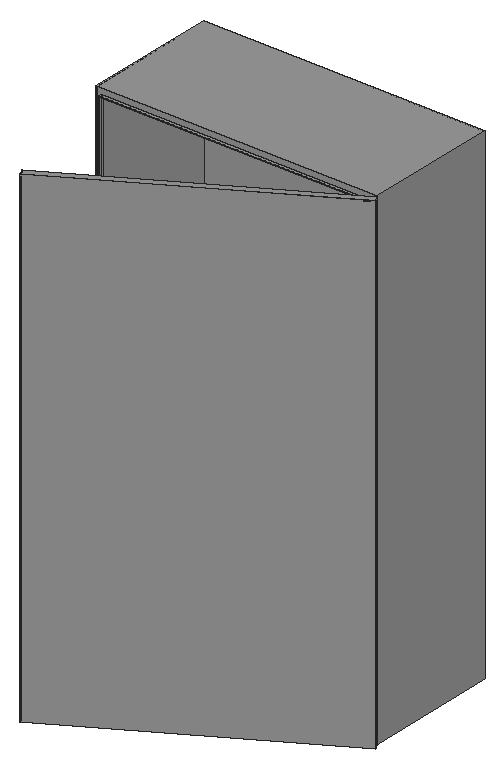
Revit family "Hager-Univers-IP55-D400-H1400-Cl.I-Steel_encl-NoHosted-PL-en", category Equipement électrique, Revit 2020
Family settings
  Configuration du panneau = Deux colonnes, circuits au sein
  Cote de connecteur circulaire = Utiliser le diamètre
  Type d'élément = Tableau de raccordement
  Basée sur le plan de construction = Oui
  Toujours verticalement = Oui
  Couper avec des vides une fois chargée = Non
  Partagée = Non
  Point de calcul de pièce = Non
Parameters (values of type "Surface mounted (plaster) IP55 W800 H1400 D400  - FR93G")
  Width Control [instance] = if([EF000008 - Width] > Min Width, [EF000008 - Width], Min Width)  # 800 mm
  Commentaires du type = [HG000003 - Range]  # "Univers"
  Thickness Door [instance] = if([EF009171 - Material plate thickness door/cover] > 3 mm, 3 mm, [EF009171 - Material plate thickness door/cover])  # 1.5 mm
  Seal Frame Offset [instance] = 17 mm  # constant formula
  Plinth Visibility [instance] = [HG000027 - Plinth height] > 0 mm  # no
  Min Width [instance] = 100 mm  # constant formula
  Min Depth [instance] = (2 * [EF009170 - Material plate thickness cabinet]) + 1 mm  # 4 mm
  Min Height [instance] = 100 mm  # constant formula
  Internal Frame Depth [instance] = (Door System Depth * 0.5)  # 9 mm
  Panel Name [instance] = ""  # (empty or 0)
  Model = ""
  HG000027 - Plinth height = 0 mm
  HG000026 - Floor standing = no
  HG000024 - Bottom section height = 600 mm
  HG000023 - Double section enclosure = no
  HG000016 - Door 3d visibility [instance] = yes
  HG000015 - Clearance visibility [instance] = no
  HG000014 - Door on the right [instance] = yes
  HG000013 - Door on the left [instance] = not([HG000014 - Door on the right])  # no
  HG000012 - Door swing angle [instance] = 30.00°
  HG000010 - Asymmetric doors = no
  HG000009 - Double swing door = no
  HG000006 - Flush mounted = no
  HG000004 - Manufacturer reference = "FR93G"
  HG000003 - Range = "Univers"
  HG000002 - With door or cover = yes
  Frame Offset Bottom [instance] = 10 mm  # constant formula
  Frame Offset [instance] = 15 mm  # constant formula
  EF015940 - Cover with overpressure release = no
  EF011959 - Degree of protection (NEMA) = ""
  EF009554 - Number of openings for flange plates = 6
  EF009212 - Cover model = "EV000116 - Closed"
  EF009171 - Material plate thickness door/cover = 1.5 mm
  EF009170 - Material plate thickness cabinet = 1.5 mm
  EF008873 - Nominal current (In) = 800 A
  EF007800 - Suitable for lightning protection = no
  EF006306 - With lock = no
  EF006244 - Transparent cover/door = no
  EF005474 - Degree of protection (IP) = "EV006420 - IP55"
  EF004464 - Type of door = "EV002646 - Single"
  EF004427 - Number of modules = 324
  EF004293 - Impact strength = "EV008784 - IK10"
  EF003532 - Suitable for outdoor use = no
  EF002950 - Width in number of modular spacings = 24
  EF001613 - Circuit integrity = "EV000494 - None"
  EF001596 - Material housing = "EV000179 - Steel"
  EF001131 - Internal depth = 400 mm
  EF001088 - Extension possible = yes
  EF000437 - Number of conduit inlets = 6
  EF000339 - Type of cover = "EV004216 - Door"
  EF000266 - Number of rows = 9
  EF000218 - Built-in depth = 0 mm
  EF000118 - With mounting plate = no
  EF000116 - RAL-number = "7035"
  EF000049 - Depth = 400 mm
  EF000040 - Height = 1400 mm
  EF000008 - Width = 800 mm
  EF000007 - Colour = "EV000270 - Grey"
  EF000003 - Mounting method = "EV000384 - Surface mounted (plaster)"
  Door System Leaf Tolerance [instance] = 1.5 mm  # constant formula
  Door System Depth [instance] = 18 mm  # constant formula
  Door Height [instance] = Height Control - [HG000027 - Plinth height]  # 1400 mm
  Description = ""
  Default Elevation = 1219.2 mm
  Connector Offset [instance] = Height Control / 2  # 700 mm
  Fabricant = "Hager"  # constant formula
  Height Control [instance] = if([EF000040 - Height] > Min Height, [EF000040 - Height], Min Height)  # 1400 mm
  Depth Control [instance] = if([EF000049 - Depth] > Min Depth, [EF000049 - Depth], Min Depth)  # 400 mm
  Bottom Top Plate Trim [instance] = 1.5 mm  # constant formula
  Plinth height Ctrl [instance] = if([HG000027 - Plinth height] > 0 mm, [HG000027 - Plinth height], 12 mm)  # 12 mm
Types (3, lengths in mm): name | Width Control | HG000009 - Double swing door | HG000004 - Manufacturer reference | EF009554 - Number of openings for flange plates | EF004464 - Type of door | EF004427 - Number of modules | EF000437 - Number of conduit inlets | EF000008 - Width
  Surface mounted (plaster) IP55 W1050 H1400 D400  - FR94G | 1050 | yes | "FR94G" | 8 | "EV003602 - Double" | 432 | 8 | 1050
  Surface mounted (plaster) IP55 W550 H1400 D400  - FR92G | 550 | no | "FR92G" | 4 | "EV002646 - Single" | 216 | 4 | 550
  Surface mounted (plaster) IP55 W800 H1400 D400  - FR93G | 800 | no | "FR93G" | 6 | "EV002646 - Single" | 324 | 6 | 800
Reference planes
  plane 1 "Center (Front/Back)": y = 0
  plane 2: z = 0
  plane 3 "Center (Left/Right)": x = 0
  plane 4: y = 0
  plane 5: y = 0
  plane 6: z = 0
  plane 7: x = -400
  plane 8: x = 400
  plane 9: x = 398.5
  plane 10: x = -398.5
  plane 11: z = 0
  plane 12: z = 1.5
  plane 13: y = -400
  plane 14: y = -1.5
  plane 15: x = 0
  plane 16: y = -382
  plane 17: y = -398.5
  plane 18: y = -380.5
  plane 19: x = -383.5
  plane 20: x = 383.5
  plane 21: z = 11.5
  plane 22: x = -383
  plane 23: x = 383
  plane 24: z = 0
  plane 25: z = 1400
  plane 26: z = 1400
  plane 27: z = 1383.5
  plane 28: z = 1398.5
Forms (mm)
  Extrusion 1, solid, material "Hager_Steel_RAL7035_Light_Grey", detail levels medium+fine
    sketch origin (-208.679, -4572, 0) x (-1, 0, 0) y (0, -1, 0)
      loop
        line (191.321, -4190) -> (-608.679, -4190) -> (-608.679, -4572) -> (191.321, -4572) -> (191.321, -4190)
    from 0 to 1400
  Extrusion 2, void
    sketch origin (-350.771, -400, 1219.2) x (1, 0, 0) y (0, 0, 1)
      loop
        line (-47.729, 179.3) -> (-47.729, -1217.7) -> (749.271, -1217.7) -> (749.271, 179.3) -> (-47.729, 179.3)
    from -19.5 to -398.5
  Extrusion 3, void
    sketch origin (-290.084, -382, 1219.2) x (1, 0, 0) y (0, 0, 1)
      loop
        line (-93.416, -1207.7) -> (673.584, -1207.7) -> (673.584, 164.3) -> (-93.416, 164.3) -> (-93.416, -1207.7)
    from 0 to -1.5
  Extrusion 4, solid, material "Hager_Steel_RAL7035_Light_Grey", visible <- "Plinth Visibility", detail levels medium+fine
    sketch origin (0, 0, 0) x (1, 0, 0) y (0, 1, 0)
      loop
        line (-400, 0) -> (-400, -382) -> (400, -382) -> (400, 0) -> (-400, 0)
    from 0 to 12 <- "Plinth height Ctrl"
  Extrusion 5, solid, material "Hager_Steel_RAL7035_Light_Grey", detail levels coarse
    sketch origin (0, 0, 0) x (1, 0, 0) y (0, 1, 0)
      loop
        line (-400, 0) -> (-400, -400) -> (400, -400) -> (400, 0) -> (-400, 0)
    from 0 to 1400 <- "Height Control"
  Sweep 6, void
    path in 3D
      loop
        line (-400, -382, 12) -> (400, -382, 12) -> (400, 0, 12) -> (-400, 0, 12) -> (-400, -382, 12)
    profile origin (-400, -191, 12) x (1, 0, 0) y (0, 0, 1)
      loop
        line (0, 0) -> (0, -1.5) -> (1.5, -1.5)
        arc (1.5, -1.5) -> (1.061, -0.439) -> (0, 0) r 1.5
  Extrusion 7, solid, material "Hager_Steel_RAL7035_Light_Grey", detail levels fine
    sketch origin (-400, -382, 0) x (1, 0, 0) y (0, 0, 1)
      loop
        line (16.5, 11.5) -> (783.5, 11.5) -> (783.5, 1383.5) -> (16.5, 1383.5) -> (16.5, 11.5)
      loop
        line (15, 10) -> (785, 10) -> (785, 1385) -> (15, 1385) -> (15, 10)
    from 0 to 9 <- "Internal Frame Depth"
Cuts and joins
  Extrusion 2, Extrusion 3 cuts Extrusion 1
  Sweep 6 cuts Extrusion 4
Lines and regions (mm)
  Masking region 1
    outline origin (0, 0, 0) x (1, 0, 0) y (0, 1, 0)
      loop
        line (-400, 0) -> (-400, -400) -> (400, -400) -> (400, 0) -> (-400, 0)
  Masking region 2, detail levels coarse
    outline origin (-290.084, -382, 1219.2) x (-1, 0, 0) y (0, 0, 1)
      loop
        line (-690.084, -1219.2) -> (109.916, -1219.2) -> (109.916, 180.8) -> (-690.084, 180.8) -> (-690.084, -1219.2)
  Masking region 3, detail levels coarse
    outline origin (0, 0, 0) x (0, 1, 0) y (0, 0, 1)
      loop
        line (0, 0) -> (0, 1400) -> (-400, 1400) -> (-400, 0) -> (0, 0)
  Masking region 4, visible <- "Plinth Visibility", detail levels medium+fine
    outline origin (0, 0, 0) x (0, 1, 0) y (0, 0, 1)
      loop
        line (-1.5, 12) -> (-380.5, 12)
        arc (-380.5, 12) -> (-380.939, 10.939) -> (-382, 10.5) r 1.5
        line (-382, 10.5) -> (-382, 0) -> (0, 0) -> (0, 10.5)
        arc (0, 10.5) -> (-1.061, 10.939) -> (-1.5, 12) r 1.5
  Masking region 5, detail levels medium+fine
    outline origin (0, 0, 594.038) x (0, 1, 0) y (0, 0, 1)
      loop
        line (0, -594.038) -> (0, 805.962) -> (-382, 805.962) -> (-382, -594.038) -> (0, -594.038)
  Masking region 6, detail levels medium+fine
    outline origin (-359.7, -382, 1211.883) x (-1, 0, 0) y (0, 0, 1)
      loop
        line (-759.7, -1211.883) -> (40.3, -1211.883) -> (40.3, 188.117) -> (-759.7, 188.117) -> (-759.7, -1211.883)
  Masking region 7, visible <- "Plinth Visibility", detail levels medium+fine
    outline origin (-320.334, -382, 1041.368) x (-1, 0, 0) y (0, 0, 1)
      loop
        line (-720.334, -1041.368) -> (79.666, -1041.368) -> (79.666, -1030.868)
        arc (79.666, -1030.868) -> (78.606, -1030.429) -> (78.166, -1029.368) r 1.5
        line (78.166, -1029.368) -> (-718.834, -1029.368)
        arc (-718.834, -1029.368) -> (-719.273, -1030.429) -> (-720.334, -1030.868) r 1.5
        line (-720.334, -1030.868) -> (-720.334, -1041.368)
  sketch lines
    curve 1: line (-400, 0, 12) -> (-400, -382, 12)
    curve 2: line (-400, -382, 12) -> (400, -382, 12)
    curve 3: line (400, 0, 12) -> (-400, 0, 12)
    curve 4: line (400, -382, 12) -> (400, 0, 12)
Dimensions and locks
  locked: plane 1 "Center (Front/Back)" to plane 5
  "EF009170 - Material plate thickness cabinet": plane 7 to plane 10
  "EF009170 - Material plate thickness cabinet": plane 8 to plane 9
  equal spacing: plane 7, plane 3 "Center (Left/Right)", plane 8
  "Width Control": plane 7 to plane 8
  "Depth Control": plane 4 to plane 13
  "EF009170 - Material plate thickness cabinet": plane 4 to plane 14
  "Height Control": plane 25 to level
  "HG000027 - Plinth height": plane 11 to level
  "EF009170 - Material plate thickness cabinet": plane 12 to plane 11
  "EF009170 - Material plate thickness cabinet": plane 17 to plane 13
  "EF009170 - Material plate thickness cabinet": plane 18 to plane 16
  "Frame Offset Bottom": plane 21 to plane 12
  "Frame Offset": plane 10 to plane 19
  "Frame Offset": plane 9 to plane 20
  "Door System Depth": plane 16 to plane 13
  "Seal Frame Offset": plane 7 to plane 22
  "Seal Frame Offset": plane 8 to plane 23
  "EF009170 - Material plate thickness cabinet": plane 26 to plane 28
  "Frame Offset": plane 28 to plane 27
  "Connector Offset": plane 2 to connector elem
  "Bottom Top Plate Trim": profile plane to Sweep 6 sketch curve
  "Bottom Top Plate Trim": Sweep 6 sketch curve to Sweep 6 sketch curve
  "Plinth height Ctrl": Masking region 4 sketch curve to level
  "Plinth height Ctrl": Masking region 7 sketch curve to level
  "Thickness Door": Extrusion 7 sketch curve to Extrusion 7 sketch curve  (x4)
  "Bottom Top Plate Trim": radius of Sweep 6 sketch curve
  "Bottom Top Plate Trim": radius of Masking region 4 sketch curve  (x2)
  "Bottom Top Plate Trim": radius of Masking region 7 sketch curve  (x2)
  aligned and locked: Extrusion 2 sketch curve to plane 12
  aligned and locked: Extrusion 2 sketch curve to plane 9
  aligned and locked: Extrusion 2 sketch curve to plane 10
  aligned and locked: Extrusion 2 to plane 14
  aligned and locked: Extrusion 1 sketch curve to plane 4
  aligned and locked: plane 8 to Extrusion 1 sketch curve
  aligned and locked: plane 7 to Extrusion 1 sketch curve
  aligned and locked: Extrusion 2 to plane 18
  aligned and locked: Extrusion 3 sketch curve to plane 19
  aligned and locked: plane 20 to Extrusion 3 sketch curve
  aligned and locked: Extrusion 3 to Extrusion 2
  aligned and locked: Extrusion 3 sketch curve to plane 21
  aligned and locked: plane 3 "Center (Left/Right)" to nested 1
  aligned and locked: Extrusion 1 sketch curve to plane 16
  aligned and locked: Extrusion 4 sketch curve to cut or joined group of Extrusion 1, Extrusion 2, Extrusion 3
  aligned and locked: Masking region 1 sketch curve to plane 7
  aligned and locked: Masking region 1 sketch curve to plane 5
  aligned and locked: Masking region 1 sketch curve to plane 8
  aligned and locked: Masking region 2 sketch curve to level
  aligned and locked: level to Masking region 3 sketch curve
  aligned and locked: plane 1 "Center (Front/Back)" to Masking region 3 sketch curve
  aligned and locked: plane 13 to Masking region 3 sketch curve
  aligned and locked: plane 5 to Masking region 4 sketch curve
  aligned and locked: Masking region 2 sketch curve to plane 8
  aligned and locked: Masking region 2 sketch curve to plane 7
  aligned and locked: plane 7 to nested 2
  aligned and locked: nested 2 to plane 5
  aligned and locked: plane 5 to Masking region 5 sketch curve
  aligned and locked: plane 26 to Masking region 5 sketch curve
  aligned and locked: Extrusion 5 sketch curve to plane 8
  aligned and locked: Extrusion 5 sketch curve to plane 7
  aligned and locked: Extrusion 5 sketch curve to plane 5
  aligned and locked: Extrusion 3 sketch curve to plane 27
  aligned and locked: Extrusion 2 sketch curve to plane 28
  aligned and locked: Masking region 2 to plane 25
  aligned and locked: Extrusion 4 to plane 16
  aligned and locked: profile plane to Sweep 6 sketch curve
  aligned and locked: Masking region 5 sketch curve to plane 24
  aligned and locked: level to Masking region 4 sketch curve
  aligned and locked: Masking region 1 to plane 13
  aligned and locked: nested 1 to plane 16
  aligned and locked: Masking region 3 to plane 25
  aligned and locked: plane 16 to Masking region 4 sketch curve
  aligned and locked: Masking region 5 sketch curve to plane 16
  aligned and locked: plane 24 to plane 11
  aligned and locked: plane 26 to plane 25
  aligned and locked: plane 26 to cut or joined group of Extrusion 1, Extrusion 2, Extrusion 3
  aligned and locked: nested 1 to plane 24
  aligned and locked: Extrusion 1 to Extrusion 3
  aligned and locked: Masking region 6 sketch curve to plane 8
  aligned and locked: Masking region 6 sketch curve to plane 24
  aligned and locked: Masking region 6 sketch curve to plane 7
  aligned and locked: Masking region 6 sketch curve to plane 26
  aligned and locked: Masking region 7 sketch curve to plane 7
  aligned and locked: level to Masking region 7 sketch curve
  aligned and locked: Masking region 7 sketch curve to plane 8
  aligned and locked: Extrusion 7 sketch curve to cut or joined group of Extrusion 1, Extrusion 2, Extrusion 3  (x4)
Automatic sketch dimensions
  plane 19 to Extrusion 3 sketch curve = 0 mm
  Extrusion 3 sketch curve to plane 20 = 0 mm
  Extrusion 3 sketch curve to plane 21 = 0 mm
  Extrusion 4 sketch curve to plane 7 = 0 mm
  Extrusion 4 sketch curve to plane 8 = 0 mm
  Extrusion 4 sketch curve to plane 16 = 0 mm
  Masking region 1 sketch curve to plane 13 = 0 mm
  Masking region 2 sketch curve to plane 25 = 0 mm
  Masking region 3 sketch curve to plane 25 = 0 mm
  Extrusion 5 sketch curve to plane 13 = 0 mm
  profile plane to Sweep 6 sketch curve = 0 mm
Nested families
  nested 1: "EC000058_Univers_Door" at (0, -382, 0), Double <- "HG000009 - Double swing door", Transparent <- "EF006244 - Transparent cover/door", Angle <- "HG000012 - Door swing angle", Door_Right <- "HG000014 - Door on the right", Assymetrical <- "HG000010 - Asymmetric doors", Door <- "HG000002 - With door or cover", Width_Ctrl <- "Width Control", 3d_Door <- "HG000016 - Door 3d visibility", Clearance <- "HG000015 - Clearance visibility", Door_Left <- "HG000013 - Door on the left", Width <- "Width Control", Door_Depth <- "Door System Depth", Leaf_Tolerance <- "Door System Leaf Tolerance", Height <- "Door Height", Lock_Visibility <- "EF006306 - With lock", Thickness <- "Thickness Door", type "EC000058_Univers_Door", detail levels medium+fine
    with min_wh 4 mm, Width_Ctrl 800 mm, Width 800 mm, Transparent no, Thickness 1.5 mm, Seal_Material Hager_Rubber, Lock_Visibility no, Lock_Material Hager_Plastic_RAL9005_Jet_Black, Leaf_Width 800 mm, Leaf_Tolerance_External_Sides 0 mm, Leaf_Tolerance 1.5 mm, Leaf_Offset 0 mm, Leaf_Height 1397 mm, Leaf_2_Width 800 mm, Leaf_2_Offset 400 mm, Leaf_1_Width 800 mm, Leaf_1_Offset 400 mm, Height_Ctrl 1400 mm, Height 1400 mm, Glass_Material Hager_Glass, Double_Clearance_Ctrl no, Double no, Door_Right_Ctrl yes, Door_Right yes, Door_Material Hager_Steel_RAL7035_Light_Grey, Door_Left_Ctrl no, Door_Left no, Door_Depth 18 mm, Door yes, Clearance_Material Hager_Clearance, Clearance_Depth 800 mm, Clearance_Ctrl no, Clearance no, Assymetrical no, Angle 30.00°, 3d_Door yes
  nested 2: "Hager_Enclosure_Symbol" at (-400, 0, 0), Height <- "Depth Control", Width <- "Width Control", type "Hager_Enclosure_Symbol"
    with Width_Ctrl 800 mm, Width 800 mm, Height_Ctrl 400 mm, Height 400 mm, A_Width_Int 26.25 mm, A_Width 315 mm, A_Height_Ctrl 350 mm, A_Height 350 mm
Connectors
  electrical at (0, 0, 700)
    settings: on plane 1 "Center (Front/Back)", index 1, voltage 0 V, apparent load 0 VA, apparent load phase1 0 VA, apparent load phase2 0 VA, apparent load phase3 0 VA, power factor 1, load classification "Other", number of poles 1, system type 30, power factor state 1, is connector primary yes, connector utility no, sub classification motor no, connector description ""
Definition of nested family "EC000058_Univers_Door"
  Parameters (values of type "EC000058_Univers_Door")
    min_wh [instance] = (2 * Thickness) + 1 mm  # 11 mm
    Width_Ctrl [instance] = 400 mm
    Width [instance] = 500 mm
    Transparent [instance] = yes
    Thickness [instance] = 5 mm
    Seal_Material [instance] = none
    Lock_Visibility [instance] = yes
    Lock_Material [instance] = none
    Leaf_Width [instance] = if((Width_Ctrl - 2 * Leaf_Tolerance_External_Sides) > 0 mm, (Width_Ctrl - 2 * Leaf_Tolerance_External_Sides), min_wh)  # 400 mm
    Leaf_Tolerance_External_Sides [instance] = 0 mm  # constant formula
    Leaf_Tolerance [instance] = 1.5 mm
    Leaf_Offset [instance] = 0 mm  # constant formula
    Leaf_Height [instance] = if((Height_Ctrl - 2 * Leaf_Tolerance) > 0 mm, (Height_Ctrl - 2 * Leaf_Tolerance), min_wh)  # 497 mm
    Leaf_2_Width [instance] = if(and(and(Double, Assymetrical), Door_Left), (Leaf_Width / 3) - (Leaf_Tolerance / 2), if(and(and(Double, Assymetrical), Door_Right), (Leaf_Width / 3) * 2 - (Leaf_Tolerance / 2), if(and(Double, not(Assymetrical)), (Leaf_Width / 2) - Leaf_Tolerance, Leaf_Width)))  # 400 mm
    Leaf_2_Offset [instance] = if(and(Double, Assymetrical), Leaf_2_Width / 2, if(and(Double, not(Assymetrical)), Leaf_Width / 4, Leaf_Width / 2))  # 200 mm
    Leaf_1_Width [instance] = if(and(and(Double, Assymetrical), Door_Right), (Leaf_Width / 3) - (Leaf_Tolerance / 2), if(and(and(Double, Assymetrical), Door_Left), (Width / 3) * 2 - (Leaf_Tolerance / 2), if(and(Double, not(Assymetrical)), (Leaf_Width / 2) - Leaf_Tolerance, Leaf_Width)))  # 400 mm
    Leaf_1_Offset [instance] = if(and(Double, Assymetrical), Leaf_1_Width / 2, if(and(Double, not(Assymetrical)), Leaf_Width / 4, Leaf_Width / 2))  # 200 mm
    Height_Ctrl [instance] = if(Height > min_wh, Height, min_wh)  # 500 mm
    Height [instance] = 500 mm
    Glass_Material [instance] = none
    Double_Clearance_Ctrl [instance] = and(Double, Clearance)  # no
    Double [instance] = no
    Door_Right_Ctrl [instance] = and(or(Door_Right, Double), Door)  # yes
    Door_Right [instance] = yes
    Door_Material [instance] = none
    Door_Left_Ctrl [instance] = and(or(Door_Left, Double), Door)  # no
    Door_Left [instance] = no
    Door_Depth [instance] = 30 mm
    Door [instance] = yes
    Default Elevation = 1219.2 mm
    Clearance_Material [instance] = none
    Clearance_Depth [instance] = if(Leaf_1_Width > Leaf_2_Width, Leaf_1_Width, Leaf_2_Width)  # 400 mm
    Clearance_Ctrl [instance] = and(not(Double), Clearance)  # yes
    Clearance [instance] = yes
    Assymetrical [instance] = yes
    Angle [instance] = 30.00°
    3d_Door [instance] = yes
  Reference planes
    plane 1 "Center (Front/Back)": y = 0
    plane 2 "Bottom": z = 0
    plane 3 "Center (Left/Right)": x = 0
    plane 4: z = 500
    plane 5: x = -200
    plane 6: x = 200
    plane 7: z = 500
    plane 8: x = -200
    plane 9: z = 0
    plane 10: x = 200
    plane 11: y = 0
    plane 12: z = 1.5
    plane 13: x = -600
    plane 14: y = -400
    plane 15: x = 600
    plane 16: x = 0
    plane 17: x = 0
    plane 18: x = -200
    plane 19: x = 200
    plane 20: z = 498.5
  Forms (mm)
    Extrusion 1, solid, material <- "Clearance_Material", visible <- "Double_Clearance_Ctrl"
      sketch origin (1200, 0, 0) x (1, 0, 0) y (0, 0, -1)
        loop
          line (-1800, -498.5) -> (-600, -498.5) -> (-600, 0) -> (-1800, 0) -> (-1800, -498.5)
      from 0 to -400
  Dimensions and locks
    equal spacing: plane 5, plane 3 "Center (Left/Right)", plane 6
    "Width_Ctrl": plane 5 to plane 6
    "Leaf_Offset": plane 5 to plane 8
    "Leaf_Offset": plane 6 to plane 10
    "Leaf_Offset": plane 9 to level
    "Leaf_Offset": plane 4 to plane 7
    "Height_Ctrl": plane 4 to level
    "Leaf_Tolerance": plane 12 to plane 9
    locked: plane 11 to plane 1 "Center (Front/Back)"
    "Leaf_1_Offset": plane 18 to plane 16
    "Leaf_2_Offset": plane 17 to plane 19
    "Leaf_1_Width": plane 13 to plane 8
    "Leaf_2_Width": plane 10 to plane 15
    "Clearance_Depth": plane 14 to plane 1 "Center (Front/Back)"
    "Leaf_Tolerance_External_Sides": plane 8 to plane 18
    "Leaf_Tolerance_External_Sides": plane 19 to plane 10
    "Leaf_Tolerance": plane 7 to plane 20
    aligned and locked: level to plane 2 "Bottom"
    aligned and locked: nested 1 to plane 16
    aligned and locked: nested 2 to plane 17
    aligned and locked: Extrusion 1 to plane 13
    aligned and locked: plane 15 to Extrusion 1
    aligned and locked: Extrusion 1 to plane 14
    aligned and locked: plane 12 to nested 1
    aligned and locked: nested 2 to plane 12
    aligned and locked: Extrusion 1 to plane 11
    aligned and locked: plane 20 to Extrusion 1
    aligned and locked: nested 2 to plane 11
    aligned and locked: nested 1 to plane 11
  Automatic sketch dimensions
    Extrusion 1 sketch curve to level = 0 mm
    plane 5 to Extrusion 1 sketch curve = 400 mm
    plane 6 to Extrusion 1 sketch curve = 400 mm
    Extrusion 1 sketch curve to plane 4 = 1.5 mm
  Nested families
    nested 1: "EC000058_Univers_Door_Leaf" at (0, 0, 1.5), Width <- "Leaf_1_Width", visible <- "Door_Left_Ctrl", Leaf_Height <- "Leaf_Height", Angle <- "Angle", 3d_Door <- "3d_Door", Transparent <- "Transparent", Clearance Material <- "Clearance_Material", Clearance <- "Clearance_Ctrl", Door_Material <- "Door_Material", Glass_Material <- "Glass_Material", Door_Depth <- "Door_Depth", Lock_Material <- "Lock_Material", Seal_Material <- "Seal_Material", Lock_Visibility <- "Lock_Visibility", Thickness <- "Thickness", type "EC000058_Univers_Door_Leaf"
      with Width 400 mm, Transparent_Glass_Offset 30 mm, Transparent_Ctrl yes, Transparent yes, Thickness 5 mm, Standard no, Seal_Material none, Seal_D2 8 mm, Seal_D1 1 mm, Offset_Internal_Frame 10 mm, Lock_Width 20 mm, Lock_Visibility_3d yes, Lock_Visibility yes, Lock_Thickness_3 3 mm, Lock_Thickness_2 1 mm, Lock_Thickness_1 3 mm, Lock_Radius_Offset_2 16 mm, Lock_Radius_Offset_1 15 mm, Lock_Radius_2 5 mm, Lock_Radius 6 mm, Lock_Offset 5 mm, Lock_Material none, Lock_Height 80 mm, Lock_Cover_Top_Offset_2d 17 mm, Lock_Cover_Height -65 mm, Leaf_Height 497 mm, Internal_Seal_Thickness 8 mm, Internal_Seal_Depth_2 4.5 mm, Internal_Frame_Depth 25 mm, Glass_Thickness -1 mm, Glass_Offset -2 mm, Glass_Material none, Door_Material none, Door_Depth 30 mm, Clearance Material none, Clearance yes, Angle_Ctrl 30.00°, Angle 30.00°, 3d_Door yes
    nested 2: "EC000058_Univers_Door_Leaf" at (0, 0, 1.5) x (-1, 0, 0) z (0, 0, 1), Width <- "Leaf_2_Width", visible <- "Door_Right_Ctrl", Leaf_Height <- "Leaf_Height", Angle <- "Angle", 3d_Door <- "3d_Door", Transparent <- "Transparent", Clearance Material <- "Clearance_Material", Clearance <- "Clearance_Ctrl", Door_Material <- "Door_Material", Glass_Material <- "Glass_Material", Door_Depth <- "Door_Depth", Lock_Material <- "Lock_Material", Seal_Material <- "Seal_Material", Lock_Visibility <- "Lock_Visibility", Thickness <- "Thickness", type "EC000058_Univers_Door_Leaf"
      with Width 400 mm, Transparent_Glass_Offset 30 mm, Transparent_Ctrl yes, Transparent yes, Thickness 5 mm, Standard no, Seal_Material none, Seal_D2 8 mm, Seal_D1 1 mm, Offset_Internal_Frame 10 mm, Lock_Width 20 mm, Lock_Visibility_3d yes, Lock_Visibility yes, Lock_Thickness_3 3 mm, Lock_Thickness_2 1 mm, Lock_Thickness_1 3 mm, Lock_Radius_Offset_2 16 mm, Lock_Radius_Offset_1 15 mm, Lock_Radius_2 5 mm, Lock_Radius 6 mm, Lock_Offset 5 mm, Lock_Material none, Lock_Height 80 mm, Lock_Cover_Top_Offset_2d 17 mm, Lock_Cover_Height -65 mm, Leaf_Height 497 mm, Internal_Seal_Thickness 8 mm, Internal_Seal_Depth_2 4.5 mm, Internal_Frame_Depth 25 mm, Glass_Thickness -1 mm, Glass_Offset -2 mm, Glass_Material none, Door_Material none, Door_Depth 30 mm, Clearance Material none, Clearance yes, Angle_Ctrl 30.00°, Angle 30.00°, 3d_Door yes
  Definition of nested family "EC000058_Univers_Door_Leaf"
    Parameters (values of type "EC000058_Univers_Door_Leaf")
      Width [instance] = 2000 mm
      Transparent_Glass_Offset [instance] = 30 mm
      Transparent_Ctrl [instance] = and(Transparent, [3d_Door])  # yes
      Transparent [instance] = yes
      Thickness [instance] = 5 mm
      Standard [instance] = and(not(Transparent), [3d_Door])  # no
      Seal_Material [instance] = none
      Seal_D2 [instance] = 8 mm  # constant formula
      Seal_D1 [instance] = 1 mm  # constant formula
      Offset_Internal_Frame [instance] = 10 mm  # constant formula
      Lock_Width [instance] = 20 mm  # constant formula
      Lock_Visibility_3d [instance] = and(Lock_Visibility, [3d_Door])  # yes
      Lock_Visibility [instance] = yes
      Lock_Thickness_3 [instance] = 3 mm  # constant formula
      Lock_Thickness_2 [instance] = 1 mm  # constant formula
      Lock_Thickness_1 [instance] = 3 mm  # constant formula
      Lock_Radius_Offset_2 [instance] = Lock_Radius_Offset_1 + 1 mm  # 16 mm
      Lock_Radius_Offset_1 [instance] = 15 mm  # constant formula
      Lock_Radius_2 [instance] = Lock_Radius - 1 mm  # 5 mm
      Lock_Radius [instance] = 6 mm  # constant formula
      Lock_Offset [instance] = 5 mm  # constant formula
      Lock_Material [instance] = none
      Lock_Height [instance] = 80 mm  # constant formula
      Lock_Cover_Top_Offset_2d [instance] = Lock_Radius_Offset_2 + 1 mm  # 17 mm
      Lock_Cover_Height [instance] = -(Lock_Height - Lock_Radius_Offset_1)  # -65 mm
      Leaf_Height [instance] = 2720.336 mm
      Internal_Seal_Thickness [instance] = 8 mm  # constant formula
      Internal_Seal_Depth_2 [instance] = 4.5 mm  # constant formula
      Internal_Frame_Depth [instance] = if(Door_Depth - Thickness > 5 mm, Door_Depth - Thickness, 5 mm)  # 25 mm
      Glass_Thickness [instance] = if(Thickness > 15 mm, Glass_Offset + 10 mm, -1 mm)  # -1 mm
      Glass_Offset [instance] = if(Thickness > 15 mm, -(Thickness + 10 mm) / 2, -2 mm)  # -2 mm
      Glass_Material [instance] = none
      Door_Material [instance] = none
      Door_Depth [instance] = 30 mm
      Default Elevation = 0 mm
      Clearance Material [instance] = none
      Clearance [instance] = yes
      Angle_Ctrl [instance] = if(Angle > 180.00°, 180.00°, Angle)  # 90.00°
      Angle [instance] = 90.00°
      3d_Door [instance] = yes
    Reference planes
      plane 1 "Center (Front/Back)": y = 0
      plane 2: z = 0
      plane 3 "Center (Left/Right)": x = 0
      plane 4: y = 2000
      plane 5: x = -1000
      plane 6: x = 1000
      plane 7: x = -3000
      plane 8: z = 2720.336
      plane 9: z = 30
      plane 10: z = 2690.336
      plane 11: x = 970
      plane 12: x = -970
      plane 13: y = -3
      plane 14: z = 107.833
      plane 15: y = -5
      plane 16: y = -223.314
      plane 17: x = -1000
      plane 18: z = 1360.168
      plane 19: y = 30
    Forms (mm)
      Extrusion 1, solid, material <- "Clearance Material", visible <- "Clearance"
        sketch origin (0, 0, 0) x (1, 0, 0) y (0, 0, 1)
          loop
            line (-3000, 2720.336) -> (-3000, 0) -> (1000, 0) -> (1000, 2720.336) -> (-3000, 2720.336)
        from 0 to -2000
      Extrusion 2, solid, material <- "Door_Material", visible <- "Standard", detail levels medium+fine
        sketch origin (-1000, 0, 0) x (0, 1, 0) y (-1, 0, 0)
          loop
            line (0, 30) -> (0, 25) -> (2000, 25) -> (2000, 30) -> (0, 30)
        from 0 to 2720.336 <- "Leaf_Height"
      Extrusion 3, solid, material <- "Door_Material", visible <- "Transparent_Ctrl", detail levels medium+fine
        sketch origin (-1000, 0, 0) x (0, 1, 0) y (-1, 0, 0)
          loop
            line (0, 25) -> (2000, 25) -> (2000, 30) -> (0, 30) -> (0, 25)
        from 0 to 2720.336 <- "Leaf_Height"
      Extrusion 4, void
        sketch origin (-1025, 2000, 0) x (0, 1, 0) y (0, 0, -1)
          loop
            line (-30, -2690.336) -> (-30, -30) -> (-1970, -30) -> (-1970, -2690.336) -> (-30, -2690.336)
        from 0 to 5 <- "Thickness"
      Sweep 5, solid, material <- "Seal_Material", visible <- "Transparent_Ctrl", detail levels fine
        path in 3D
          loop
            line (-1025, 30, 30) -> (-1025, 30, 2690.336) -> (-1025, 1970, 2690.336) -> (-1025, 1970, 30) -> (-1025, 30, 30)
        profile origin (-1025, 1000, 30) x (1, 0, 0) y (0, 0, 1)
          loop
            line (0, 0) -> (0, -8) -> (1, -8) -> (1, 0) -> (0, 0)
      Extrusion 6, solid, material <- "Glass_Material", visible <- "Transparent_Ctrl", detail levels medium+fine
        sketch origin (-1030, 0, 0) x (0, 1, 0) y (0, 0, -1)
          loop
            line (1970, -2690.336) -> (1970, -30) -> (30, -30) -> (30, -2690.336) -> (1970, -2690.336)
        from -2 <- "Glass_Offset" to -1 <- "Glass_Thickness"
      Extrusion 7, solid, material <- "Door_Material", visible <- "3d_Door", detail levels medium+fine
        sketch origin (-1025, 2000, 0) x (0, -1, 0) y (0, 0, -1)
          loop
            line (0, -2720.336) -> (2000, -2720.336) -> (2000, 0) -> (0, 0) -> (0, -2720.336)
          loop
            line (1995, -5) -> (5, -5) -> (5, -2715.336) -> (1995, -2715.336) -> (1995, -5)
        from 0 to 25 <- "Internal_Frame_Depth"
      Sweep 8, solid, material <- "Seal_Material", visible <- "Transparent_Ctrl", detail levels fine
        path in 3D
          loop
            line (-1025, 0, 0) -> (-1025, 2000, 0) -> (-1025, 2000, 2720.336) -> (-1025, 0, 2720.336) -> (-1025, 0, 0)
        profile origin (-1025, 0, 1360.168) x (1, 0, 0) y (0, 1, 0)
          loop
            line (0, 10) -> (2.975, 10)
            arc (2.975, 10) -> (4.053, 10.447) -> (4.5, 11.525) r 1.525
            line (4.5, 11.525) -> (4.5, 16.527)
            arc (4.5, 16.527) -> (4.069, 17.569) -> (3.027, 18) r 1.473
            line (3.027, 18) -> (0, 18) -> (0, 10)
      Extrusion 9, solid, material <- "Lock_Material", visible <- "Lock_Visibility_3d", detail levels fine
        sketch origin (-1030, 0, 0) x (0, 1, 0) y (0, 0, -1)
          loop
            arc (1993.5, -1400.168) -> (1994.561, -1399.729) -> (1995, -1398.668) r 1.5
            line (1995, -1398.668) -> (1995, -1320.168) -> (1975, -1320.168) -> (1975, -1398.668)
            arc (1975, -1398.668) -> (1975.439, -1399.729) -> (1976.5, -1400.168) r 1.5
            line (1976.5, -1400.168) -> (1993.5, -1400.168)
        from 3 <- "Lock_Thickness_1" to 0
      Blend 10, solid, material <- "Lock_Material", visible <- "Lock_Visibility_3d", detail levels fine
        base sketch origin (-1033, 0, 0) x (0, 1, 0) y (0, 0, -1)
          loop
            line (1975, -1320.168) -> (1975, -1398.668)
            arc (1975, -1398.668) -> (1975.439, -1399.729) -> (1976.5, -1400.168) r 1.5
            line (1976.5, -1400.168) -> (1993.5, -1400.168)
            arc (1993.5, -1400.168) -> (1994.561, -1399.729) -> (1995, -1398.668) r 1.5
            line (1995, -1398.668) -> (1995, -1320.168) -> (1975, -1320.168)
        top sketch origin (-1033, 0, 0) x (0, 1, 0) y (0, 0, -1)
          loop
            line (1976, -1320.168) -> (1976, -1398.668)
            arc (1976, -1398.668) -> (1976.146, -1399.022) -> (1976.5, -1399.168) r 0.5
            line (1976.5, -1399.168) -> (1993.5, -1399.168)
            arc (1993.5, -1399.168) -> (1993.854, -1399.022) -> (1994, -1398.668) r 0.5
            line (1994, -1398.668) -> (1994, -1320.168) -> (1976, -1320.168)
        from 0 to 1 <- "Lock_Thickness_2"
      Blend 11, solid, material <- "Lock_Material", visible <- "Lock_Visibility_3d", detail levels fine
        base sketch origin (-1034, 0, 0) x (0, 1, 0) y (0, 0, -1)
          loop
            line (1978, -1320.168) -> (1978, -1384.168)
            arc (1978, -1384.168) -> (1985, -1391.168) -> (1992, -1384.168) r 7
            line (1992, -1384.168) -> (1992, -1320.168) -> (1978, -1320.168)
        top sketch origin (-1034, 0, 0) x (0, 1, 0) y (0, 0, -1)
          loop
            line (1991, -1320.168) -> (1979, -1320.168) -> (1979, -1383.168)
            arc (1979, -1383.168) -> (1985, -1389.168) -> (1991, -1383.168) r 6
            line (1991, -1383.168) -> (1991, -1320.168)
        from 0 to 3 <- "Lock_Thickness_3"
      Extrusion 12, solid, material <- "Lock_Material", visible <- "Lock_Visibility_3d", detail levels fine
        sketch origin (-1030, 1975, 1320.168) x (1, 0, 0) y (0, -1, 0)
          loop
            line (-7, -19) -> (-7, -1) -> (0, -1) -> (0, 0) -> (-8, 0) -> (-8, -20) -> (0, -20) -> (0, -19) -> (-7, -19)
        from 0 to -65 <- "Lock_Cover_Height"
      Extrusion 13, void
        sketch origin (-1038, 1995, 1320.168) x (-1, 0, 0) y (0, 0, -1)
          loop
            line (-5, -65) -> (0, -65) -> (-5, -60) -> (-5, -65)
        from 0 to 20 <- "Lock_Width"
      Extrusion 14, void
        sketch origin (-1038, 1975, 1320.168) x (0, -1, 0) y (0, 0, -1)
          loop
            circle (-10, -15.995) r 6
          loop
            circle (-10, -15.995) r 5
        from 0 to 2
      Extrusion 15, solid, material <- "Lock_Material", visible <- "Lock_Visibility_3d", detail levels medium
        sketch origin (-1030, 0, 0) x (0, 1, 0) y (0, 0, -1)
          loop
            arc (1993.5, -1400.168) -> (1994.561, -1399.729) -> (1995, -1398.668) r 1.5
            line (1995, -1398.668) -> (1995, -1320.168) -> (1975, -1320.168) -> (1975, -1398.668)
            arc (1975, -1398.668) -> (1975.439, -1399.729) -> (1976.5, -1400.168) r 1.5
            line (1976.5, -1400.168) -> (1993.5, -1400.168)
        from 8 to 0
    Cuts and joins
      Extrusion 4 cuts Extrusion 3
      Extrusion 13, Extrusion 14 cuts Extrusion 9
      Extrusion 14 cuts Blend 11
      Extrusion 13, Extrusion 14 cuts Extrusion 12
      joined: Extrusion 9, Blend 10, Blend 11, Extrusion 12
      Extrusion 14 cuts Extrusion 15
    Lines and regions (mm)
      Masking region 1, visible <- "Lock_Visibility", detail levels fine
        outline origin (0, 0, 0) x (0, 1, 0) y (0, 0, 1)
          loop
            line (30, 1320.168) -> (33, 1320.168) -> (33, 1400.168) -> (30, 1400.168) -> (30, 1320.168)
      Masking region 2, visible <- "Lock_Visibility", detail levels fine
        outline origin (0, 3.143, 0) x (0, 1, 0) y (0, 0, 1)
          loop
            line (29.857, 1354.168) -> (30.857, 1354.168) -> (30.857, 1366.168) -> (29.857, 1366.168) -> (29.857, 1354.168)
      Masking region 3, detail levels medium+fine
        outline origin (0, 0, 0) x (0, 1, 0) y (0, 0, 1)
          loop
            line (0, 0) -> (30, 0) -> (30, 2720.336) -> (0, 2720.336) -> (0, 0)
      Masking region 4, detail levels medium+fine
        outline origin (0, 0, 0) x (1, 0, 0) y (0, 0, 1)
          loop
            line (-1000, 2720.336) -> (-1000, 0) -> (1000, 0) -> (1000, 2720.336) -> (-1000, 2720.336)
      Masking region 5, visible <- "Lock_Visibility", detail levels fine
        outline origin (-47.116, 0, 0) x (1, 0, 0) y (0, 0, 1)
          loop
            arc (1024.616, 1399.168) -> (1023.556, 1398.729) -> (1023.116, 1397.668) r 1.5
            line (1023.116, 1397.668) -> (1023.116, 1320.168) -> (1041.116, 1320.168) -> (1041.116, 1397.668)
            arc (1041.116, 1397.668) -> (1040.677, 1398.729) -> (1039.616, 1399.168) r 1.5
            line (1039.616, 1399.168) -> (1024.616, 1399.168)
      Masking region 6, visible <- "Lock_Visibility", detail levels medium+fine
        outline origin (-25, 0, 0) x (1, 0, 0) y (0, 0, 1)
          loop
            arc (1001.5, 1400.168) -> (1000.439, 1399.729) -> (1000, 1398.668) r 1.5
            line (1000, 1398.668) -> (1000, 1320.168) -> (1020, 1320.168) -> (1020, 1398.668)
            arc (1020, 1398.668) -> (1019.561, 1399.729) -> (1018.5, 1400.168) r 1.5
            line (1018.5, 1400.168) -> (1001.5, 1400.168)
      Masking region 7, visible <- "Lock_Visibility", detail levels fine
        outline origin (-73.735, 0, 0) x (1, 0, 0) y (0, 0, 1)
          loop
            line (1051.735, 1382.168) -> (1065.735, 1382.168) -> (1065.735, 1384.168)
            arc (1065.735, 1384.168) -> (1058.735, 1391.168) -> (1051.735, 1384.168) r 7
            line (1051.735, 1384.168) -> (1051.735, 1382.168)
      Masking region 8, visible <- "Lock_Visibility", detail levels fine
        outline origin (-73.735, 0, 0) x (1, 0, 0) y (0, 0, 1)
          loop
            line (1052.735, 1382.168) -> (1064.735, 1382.168) -> (1064.735, 1383.168)
            arc (1064.735, 1383.168) -> (1058.735, 1389.168) -> (1052.735, 1383.168) r 6
            line (1052.735, 1383.168) -> (1052.735, 1382.168)
      Masking region 9, visible <- "Lock_Visibility", detail levels fine
        outline origin (-25, 0, 0) x (1, 0, 0) y (0, 0, 1)
          loop
            line (1020, 1320.168) -> (1020, 1382.168) -> (1000, 1382.168) -> (1000, 1320.168) -> (1020, 1320.168)
      Masking region 10, detail levels medium+fine
        outline origin (0, 0, 0) x (1, 0, 0) y (0, 0, 1)
          loop
            circle (985, 1335.144) r 6
      Masking region 11, detail levels fine
        outline origin (0, 0, 0) x (1, 0, 0) y (0, 0, 1)
          loop
            circle (985, 1335.144) r 5
      Masking region 12, visible <- "Lock_Visibility", detail levels fine
        outline origin (0, 12.767, 0) x (0, 1, 0) y (0, 0, 1)
          loop
            line (20.233, 1320.168) -> (21.233, 1320.168) -> (21.233, 1399.168) -> (20.233, 1400.168) -> (20.233, 1320.168)
      Masking region 13, visible <- "Lock_Visibility", detail levels fine
        outline origin (0, 13.767, -10) x (0, 1, 0) y (0, 0, 1)
          loop
            line (20.233, 1330.168) -> (23.233, 1330.168) -> (23.233, 1399.168) -> (20.233, 1402.168) -> (20.233, 1330.168)
      Masking region 14, visible <- "Lock_Visibility", detail levels fine
        outline origin (0, 12.767, -10) x (0, 1, 0) y (0, 0, 1)
          loop
            line (20.233, 1330.168) -> (25.233, 1330.168) -> (25.233, 1399.305) -> (20.233, 1394.305) -> (20.233, 1330.168)
      Masking region 15, visible <- "Lock_Visibility", detail levels medium
        outline origin (0, 0, 0) x (0, 1, 0) y (0, 0, 1)
          loop
            line (30, 1320.168) -> (38, 1320.168) -> (38, 1400.168) -> (30, 1400.168) -> (30, 1320.168)
      Masking region 16, visible <- "Lock_Visibility", detail levels fine
        outline origin (-1000, 0, 0) x (0, 1, 0) y (-1, 0, 0)
          loop
            line (1975, 30) -> (1995, 30) -> (1995, 38) -> (1975, 38) -> (1975, 30)
          loop
            line (1979, 37) -> (1976, 37) -> (1976, 34) -> (1978, 34) -> (1979, 37)
          loop
            line (1994, 37) -> (1991, 37) -> (1992, 34) -> (1994, 34) -> (1994, 37)
      Masking region 17, visible <- "Lock_Visibility", detail levels medium
        outline origin (-1000, 0, 0) x (0, 1, 0) y (-1, 0, 0)
          loop
            line (1975, 30) -> (1995, 30) -> (1995, 38) -> (1975, 38) -> (1975, 30)
      symbolic lines
        curve 1: line (1000, 0, 0) -> (-3000, 0, 0)
        curve 2: arc (1000, 0, 0) -> (-1000, 2000, 0) -> (-3000, 0, 0) r 2000
        curve 4: line (-1030, 0, 0) -> (-1030, 2000, 0)
      reference lines
        curve 3: line (-1000, 0, 0) -> (-1000, 2000, 0)
      symbolic lines, detail levels medium+fine
        curve 5: line (-1030, 2000, 0) -> (-1025, 2000, 0)
        curve 7: line (-1025, 0, 0) -> (-1030, 0, 0)
        curve 8: line (-1025, 0, 0) -> (-1000, 0, 0)
        curve 9: line (-1000, 0, 0) -> (-1000, 2000, 0)
        curve 10: line (-1000, 2000, 0) -> (-1025, 2000, 0)
      symbolic lines, detail levels fine
        curve 6: line (-1025, 2000, 0) -> (-1025, 0, 0)
      sketch lines
        curve 11: line (-1025, 0, 2720.336) -> (-1025, 0, 0)
        curve 12: line (-1025, 2000, 0) -> (-1025, 0, 0)
        curve 13: line (-1025, 2000, 2720.336) -> (-1025, 2000, 0)
        curve 14: line (-1025, 0, 2720.336) -> (-1025, 2000, 2720.336)
        curve 15: line (-1025, 1970, 30) -> (-1025, 30, 30)
        curve 16: line (-1025, 30, 30) -> (-1025, 30, 2690.336)
        curve 17: line (-1025, 1970, 2690.336) -> (-1025, 1970, 30)
        curve 18: line (-1025, 30, 2690.336) -> (-1025, 1970, 2690.336)
      symbolic lines, visible <- "Transparent", detail levels medium+fine
        curve 19: line (-970, 0, 2690.336) -> (970, 0, 2690.336)
        curve 20: line (-970, 0, 30) -> (-970, 0, 2690.336)
        curve 21: line (970, 0, 30) -> (-970, 0, 30)
        curve 22: line (970, 0, 2690.336) -> (970, 0, 30)
    Dimensions and locks
      "Width": plane 1 "Center (Front/Back)" to plane 4
      equal spacing: plane 5, plane 3 "Center (Left/Right)", plane 6
      "Width": plane 5 to plane 6
      "Width": plane 7 to plane 5
      "Leaf_Height": plane 8 to level
      "Width": curve 5 to curve 3
      "Width": curve 3 to curve 3
      plane 8 to plane 10 = 30 mm
      plane 9 to level = 30 mm
      plane 12 to plane 5 = 30 mm
      plane 6 to plane 11 = 30 mm
      Extrusion 1 to Extrusion 4 sketch curve = 30 mm
      "Transparent_Glass_Offset": curve 3 to Extrusion 4 sketch curve
      "Transparent_Glass_Offset": Extrusion 4 sketch curve to cut or joined group of Extrusion 3, Extrusion 4  (x2)
      cut or joined group of Extrusion 3, Extrusion 4 to Extrusion 6 sketch curve = 30 mm
      "Transparent_Glass_Offset": cut or joined group of Extrusion 3, Extrusion 4 to Extrusion 4 sketch curve
      "Thickness": curve 6 to curve 4
      "Thickness": Extrusion 7 sketch curve to Extrusion 7 sketch curve  (x4)
      "Door_Depth": curve 4 to curve 3
      "Offset_Internal_Frame": profile plane to Sweep 8 sketch curve
      "Internal_Seal_Thickness": Sweep 8 sketch curve to Sweep 8 sketch curve
      "Internal_Seal_Depth_2": profile plane to Sweep 8 sketch curve
      "Seal_D1": profile plane to Sweep 5 sketch curve
      "Seal_D2": profile plane to Sweep 5 sketch curve
      "Thickness": Extrusion 2 sketch curve to Extrusion 2 sketch curve
      equal spacing: Extrusion 9 sketch curve, plane 18, Extrusion 9 sketch curve  (x2)
      equal spacing: Masking region 1 sketch curve, plane 18, Masking region 1 sketch curve
      "Lock_Height": Masking region 1 sketch curve to Masking region 1 sketch curve
      "Lock_Radius": Masking region 2 sketch curve to plane 18 to Masking region 2 sketch curve
      Masking region 2 sketch curve to Masking region 1 = 1 mm
      "Door_Depth": plane 19 to plane 1 "Center (Front/Back)"
      "Lock_Thickness_1": Masking region 1 sketch curve to plane 19
      "Lock_Width": Extrusion 9 sketch curve to Extrusion 9 sketch curve
      "Lock_Height": Extrusion 9 sketch curve to Extrusion 9 sketch curve
      "Lock_Offset": cut or joined group of Extrusion 3, Extrusion 4 to Extrusion 9 sketch curve
      equal spacing: plane 8, plane 18, level
      "Lock_Radius_Offset_1": Blend 11 sketch curve to Blend 10
      locked: Blend 10 to Blend 11 sketch curve at 2  (x2)
      locked: var sketch to Blend 11 sketch curve at 1  (x2)
      "Lock_Radius_Offset_2": Blend 11 sketch curve to Blend 10
      locked: Extrusion 12 sketch curve to Extrusion 12 sketch curve at 1  (x3)
      Masking region 6 sketch curve to Masking region 6 sketch curve = 80 mm
      "Lock_Height": Masking region 6 sketch curve to Masking region 6 sketch curve
      "Lock_Width": Masking region 6 sketch curve to Masking region 6 sketch curve
      locked: Masking region 6 to Masking region 5 sketch curve at 1  (x3)
      locked: Masking region 5 to Masking region 7 sketch curve at 2  (x2)
      "Lock_Radius_Offset_1": Masking region 5 to Masking region 7 sketch curve
      "Lock_Radius_Offset_2": Masking region 5 to Masking region 8 sketch curve
      locked: Masking region 7 to Masking region 8 sketch curve at 1  (x2)
      "Lock_Cover_Top_Offset_2d": Masking region 5 to Masking region 9 sketch curve
      equal spacing: Masking region 9, Masking region 10 sketch curve, Masking region 9
      equal spacing: Masking region 9, Masking region 11 sketch curve, Masking region 9
      Extrusion 15 sketch curve to Extrusion 15 sketch curve = 80 mm
      "Lock_Width": Extrusion 15 sketch curve to Extrusion 15 sketch curve
      "Lock_Height": Extrusion 15 sketch curve to Extrusion 15 sketch curve
      equal spacing: Extrusion 15 sketch curve, plane 18, Extrusion 15 sketch curve
      "Lock_Thickness_3": Masking region 13 sketch curve to Masking region 13 sketch curve
      "Lock_Height": Masking region 12 sketch curve to Masking region 12 sketch curve
      locked: Masking region 13 sketch curve to Masking region 1 at 8
      locked: Masking region 14 sketch curve to Masking region 13 at 1
      locked: Masking region 14 sketch curve to Masking region 1 at 10.863
      "Lock_Height": Masking region 15 sketch curve to Masking region 15 sketch curve
      "Lock_Offset": Extrusion 15 sketch curve to cut or joined group of Extrusion 3, Extrusion 4
      "Lock_Offset": plane 6 to Masking region 6 sketch curve
      radius of Sweep 8 sketch curve = 1.525 mm
      radius of Sweep 8 sketch curve = 1.473 mm
      radius of Extrusion 9 sketch curve = 1.5 mm  (x2)
      "Lock_Radius": radius of Extrusion 14 sketch curve
      "Lock_Radius_2": radius of Extrusion 14 sketch curve
      "Lock_Radius": radius of Masking region 10 sketch curve
      "Lock_Radius_2": radius of Masking region 11 sketch curve
      radius of Extrusion 15 sketch curve = 1.5 mm  (x2)
      "Angle_Ctrl": angle plane 1 "Center (Front/Back)" to curve 3
      locked: Masking region 12 sketch curve to Masking region 12 sketch curve (angle 45.00°)
      locked: Masking region 13 sketch curve to Masking region 13 sketch curve (angle 45.00°)
      locked: Masking region 14 sketch curve to Masking region 14 sketch curve (angle 45.00°)
      aligned and locked: level to plane 2
      aligned and locked: Extrusion 1 to curve 1
      aligned and locked: plane 6 to Extrusion 1
      aligned and locked: Extrusion 1 to plane 1 "Center (Front/Back)"
      aligned and locked: plane 4 to Extrusion 1
      aligned and locked: plane 8 to Extrusion 1
      aligned and locked: curve 7 to Extrusion 2 sketch curve
      aligned and locked: curve 5 to Extrusion 2 sketch curve
      aligned and locked: curve 7 to Extrusion 3 sketch curve
      aligned and locked: Extrusion 3 sketch curve to curve 4
      aligned and locked: Extrusion 3 sketch curve to curve 6
      aligned and locked: Extrusion 3 sketch curve to curve 5
      aligned and locked: curve 9 to curve 3
      aligned and locked: Extrusion 7 sketch curve to cut or joined group of Extrusion 3, Extrusion 4  (x4)
      aligned and locked: plane 17 to curve 3
      aligned and locked: plane 1 "Center (Front/Back)" to curve 3
      aligned and locked: plane 17 to plane 5
      aligned and locked: Sweep 8 sketch curve to profile plane
      aligned and locked: Sweep 5 sketch curve to profile plane  (x2)
      aligned and locked: Masking region 1 to Masking region 2 sketch curve
      aligned and locked: plane 19 to Masking region 1 sketch curve
      aligned and locked: plane 1 "Center (Front/Back)" to Masking region 3 sketch curve
      aligned and locked: plane 19 to Masking region 3 sketch curve
      aligned and locked: level to Masking region 3 sketch curve
      aligned and locked: Masking region 3 sketch curve to plane 8
      aligned and locked: plane 17 to Masking region 4 sketch curve
      aligned and locked: level to Masking region 4 sketch curve
      aligned and locked: Masking region 4 sketch curve to plane 8
      aligned and locked: plane 12 to curve 20
      aligned and locked: plane 10 to curve 19
      aligned and locked: plane 11 to curve 22
      aligned and locked: curve 21 to plane 9
      aligned and locked: Extrusion 2 sketch curve to cut or joined group of Extrusion 3, Extrusion 4
      aligned and locked: Blend 10 sketch curve to Extrusion 9  (x4)
      aligned and locked: Extrusion 9 to Blend 10 sketch curve
      aligned and locked: Blend 10 to Blend 11 sketch curve
      aligned and locked: Extrusion 12 sketch curve to Blend 11
      aligned and locked: Extrusion 12 sketch curve to Extrusion 9  (x4)
      aligned and locked: Masking region 5 sketch curve to Masking region 6
      aligned and locked: Masking region 9 sketch curve to Masking region 6  (x3)
      aligned and locked: Masking region 12 sketch curve to Masking region 1
      aligned and locked: Masking region 13 sketch curve to Masking region 1
      aligned and locked: Masking region 12 to Masking region 14
      aligned and locked: Masking region 14 sketch curve to Masking region 1
      aligned and locked: Masking region 15 sketch curve to Masking region 14
      aligned and locked: Masking region 13 sketch curve to Masking region 12
      aligned and locked: Masking region 16 sketch curve to cut or joined group of Extrusion 14, Extrusion 15  (x4)
      aligned and locked: Masking region 16 sketch curve to cut or joined group of Extrusion 9, Blend 10, Blend 11, Extrusion 12, Extrusion 13, Extrusion 14  (x6)
      aligned and locked: cut or joined group of Extrusion 9, Blend 10, Blend 11, Extrusion 12, Extrusion 13, Extrusion 14 to Masking region 16 sketch curve
      aligned and locked: Masking region 17 sketch curve to cut or joined group of Extrusion 14, Extrusion 15  (x3)
      aligned and locked: Masking region 17 sketch curve to cut or joined group of Extrusion 9, Blend 10, Blend 11, Extrusion 12, Extrusion 13, Extrusion 14
      aligned and locked: Masking region 9 to Masking region 8 sketch curve
      aligned and locked: Masking region 9 to Masking region 7 sketch curve
    Automatic sketch dimensions
      plane 1 "Center (Front/Back)" to curve 2 = 0 mm
      curve 2 to plane 5 = 0 mm
      Extrusion 1 sketch curve to level = 0 mm
      Extrusion 1 sketch curve to plane 7 = 0 mm
      Extrusion 1 sketch curve to plane 6 = 0 mm
      Extrusion 1 sketch curve to plane 8 = 0 mm
      Extrusion 3 to Extrusion 6 sketch curve = 30 mm  (x4)
      Masking region 4 sketch curve to plane 6 = 0 mm
      Blend 10 sketch curve to Extrusion 9 = 1.5 mm
      Blend 10 sketch curve to Extrusion 9 = 1 mm
      Extrusion 13 sketch curve to Extrusion 12 = 0 mm  (x2)
      Extrusion 12 to Extrusion 13 sketch curve = 3 mm
      Extrusion 13 sketch curve to Extrusion 12 = 5 mm
      Extrusion 14 sketch curve to Extrusion 14 sketch curve = 0 mm  (x2)
      Extrusion 14 sketch curve to Extrusion 12 = 10 mm
      Extrusion 14 sketch curve to Extrusion 12 = 15.995 mm
      Masking region 5 sketch curve to Masking region 5 sketch curve = 1.5 mm  (x2)
      Masking region 10 sketch curve to plane 18 = 25.024 mm
      Masking region 11 sketch curve to plane 18 = 25.024 mm
      plane 19 to Masking region 14 sketch curve = 3 mm
      Masking region 16 sketch curve to Masking region 16 sketch curve = 3 mm
      curve 4 to curve 3 = 0 mm
      Blend 10 to Blend 11 sketch curve = 0 mm
      Masking region 6 sketch curve to Masking region 6 sketch curve = 1.5 mm  (x2)
      Masking region 6 sketch curve to plane 18 = 40 mm
      plane 19 to Masking region 12 sketch curve = 3 mm
      Masking region 12 sketch curve to Masking region 12 sketch curve = 1 mm
      Masking region 15 sketch curve to plane 19 = 0 mm
      Masking region 15 sketch curve to plane 18 = 40 mm
      radius of Blend 10 sketch curve to Extrusion 9 = 1 mm
Definition of nested family "Hager_Enclosure_Symbol"
  Parameters (values of type "Hager_Enclosure_Symbol")
    Width_Ctrl [instance] = if(Width > 1 mm, Width, 1 mm)  # 102.27 mm
    Width [instance] = 102.27 mm
    Height_Ctrl [instance] = if(Height > 1 mm, Height, 1 mm)  # 66.5 mm
    A_Width_Int [instance] = if(A_Width / 12 > 2 mm, A_Width / 12, 2 mm)  # 4.364 mm
    A_Width [instance] = if(A_Height_Ctrl * 0.9 > 2 mm, A_Height_Ctrl * 0.9, 2 mm)  # 52.369 mm
    A_Height_Ctrl [instance] = if(A_Height > 2 mm, A_Height, 2 mm)  # 58.188 mm
    Height [instance] = 66.5 mm
    A_Height [instance] = Height - (Height / 8)  # 58.188 mm
  Reference planes
    plane 1 "Centre (avant/arrière)": y = 0
    plane 2: z = 0
    plane 3 "Centre (gauche/droite)": x = 0
    plane 4: x = 52.369
    plane 5: y = 33.042
    plane 6: y = 41.77
    plane 7: y = 66.5
    plane 8: x = 26.184
    plane 9: y = 37.406
    plane 10: x = 102.27
    plane 11: y = 66.5
    plane 12: y = 8.313
  Lines and regions (mm)
    Filled region 1, type "Solid_Black", in view "Niveau de réf."
      outline origin (0, 0, 0) x (1, 0, 0) y (0, 1, 0)
        loop
          line (52.369, 66.5) -> (33.188, 54.536) -> (45.365, 45.006) -> (52.369, 66.5)
    Filled region 2, type "Solid_Black", in view "Niveau de réf."
      outline origin (0, 0, 0) x (1, 0, 0) y (0, 1, 0)
        loop
          line (0, 0) -> (102.27, 0) -> (102.27, 66.5) -> (0, 0)
    detail lines, in view "Niveau de réf."
      curve 1: line (0, 8.313, 0) -> (26.184, 41.77, 0)
      curve 2: line (26.184, 41.77, 0) -> (26.184, 33.042, 0)
      curve 3: line (26.184, 33.042, 0) -> (52.369, 66.5, 0)
  Dimensions and locks
    "A_Width": plane 3 "Centre (gauche/droite)" to plane 4
    equal spacing: plane 3 "Centre (gauche/droite)", plane 8, plane 4
    equal spacing: plane 6, plane 9, plane 5
    equal spacing: curve 3, Filled region 1 sketch curve, Filled region 1 sketch curve
    "Height_Ctrl": plane 1 "Centre (avant/arrière)" to plane 11
    "A_Height_Ctrl": plane 11 to plane 12
    equal spacing: plane 11, plane 9, plane 12
    "A_Width_Int": plane 6 to plane 9
    "Width_Ctrl": plane 3 "Centre (gauche/droite)" to plane 10
    angle Filled region 1 sketch curve to curve 3 = 20.00°
    angle curve 3 to Filled region 1 sketch curve = 20.00°
    locked: curve 3 to Filled region 1 sketch curve (angle 90.00°)
    aligned and locked: plane 10 to Filled region 2
    aligned and locked: plane 11 to Filled region 2 sketch curve
    aligned and locked: plane 10 to Filled region 2 sketch curve
    aligned and locked: plane 3 "Centre (gauche/droite)" to curve 1
    aligned and locked: plane 12 to curve 1
    aligned and locked: plane 7 to plane 11
  Automatic sketch dimensions
    Filled region 1 sketch curve to plane 4 = 0 mm
    Filled region 1 sketch curve to plane 7 = 0 mm
    plane 1 "Centre (avant/arrière)" to Filled region 2 sketch curve = 0 mm
    Filled region 2 sketch curve to plane 3 "Centre (gauche/droite)" = 0 mm
    curve 2 to plane 6 = 0 mm
    curve 2 to plane 8 = 0 mm
    curve 3 to plane 4 = 0 mm
    curve 2 to plane 5 = 0 mm
    curve 3 to plane 7 = 0 mm
